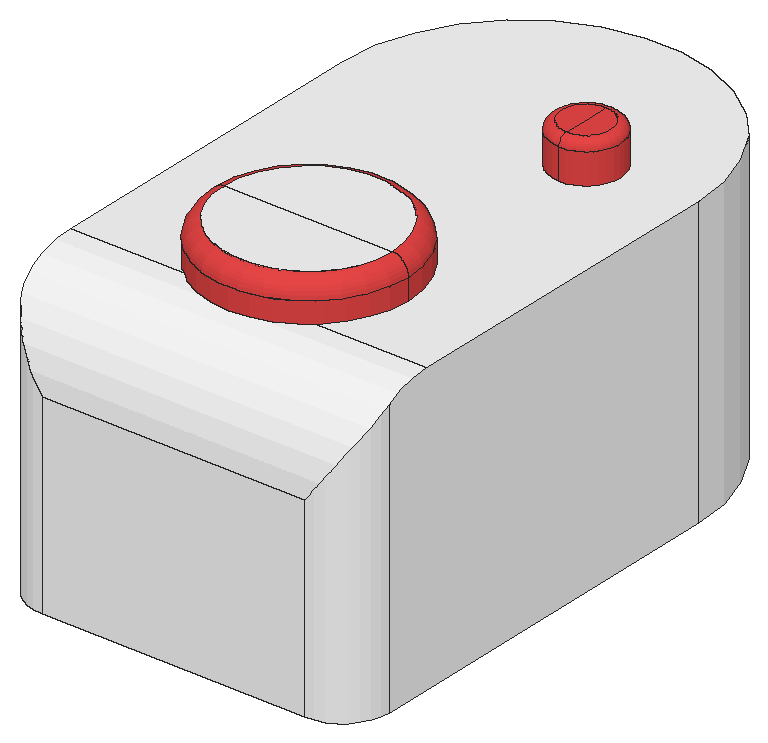
Revit family "K274103", category Pipe Accessories, Revit 2025
Family settings
  Round Connector Dimension = Use Diameter
  Part Type = Normal
  Work Plane-Based = Yes
  Always vertical = No
  Cut with Voids When Loaded = No
  Shared = Yes
Parameters (values of type "24V")
  Series = "K274-1"  # constant formula
  Model = "24V"
  Manufacturer = "Giacomini"  # constant formula
  Description = "Attuatore per gruppi R586RFL"  # constant formula
  Default Elevation = 1219.2 mm
  Code = "K274Y103"
Reference planes
  plane 1 "Center (Front/Back)": y = 0
  plane 2: z = 0
  plane 3 "Center (Left/Right)": x = 0
  plane 4: z = 61.5
  plane 5: x = 15.5
Forms (mm)
  Extrusion 1, solid, material "White - Giacomini"
    sketch origin (0, 0, 0) x (1, 0, 0) y (0, 1, 0)
      loop
        line (-28, -36) -> (28, -36)
        arc (28, -36) -> (35.071, -33.071) -> (38, -26) r 10
        line (38, -26) -> (38, 56.5)
        arc (38, 56.5) -> (0, 94.5) -> (-38, 56.5) r 38
        line (-38, 56.5) -> (-38, -26)
        arc (-38, -26) -> (-35.071, -33.071) -> (-28, -36) r 10
    from 0 to 61.5
  Extrusion 2, void
    sketch origin (0, 0, 0) x (0, 1, 0) y (0, 0, 1)
      loop
        line (-41, 41.5) -> (-36, 41.5)
        arc (-36, 41.5) -> (-30.142, 55.642) -> (-16, 61.5) r 20
        line (-16, 61.5) -> (-16, 66.5) -> (-41, 66.5) -> (-41, 41.5)
    from -38 to 38
  Revolve 3, solid, material "White - Giacomini"
    sketch origin (0, 0, 0) x (1, 0, 0) y (0, 0, 1)
      loop
        line (0, 61.5) -> (21.3, 61.5) -> (21.3, 65.922)
        arc (21.3, 65.922) -> (20.316, 68.393) -> (18, 69.7) r 4
        line (18, 69.7) -> (0, 69.7) -> (0, 61.5)
      axis (0, 61.5) -> (0, 69.7)
    angle from 0 to 360
  Revolve 4, solid, material "Red - Giacomini"
    sketch origin (15.5, 0, 0) x (0, 1, 0) y (0, 0, 1)
      loop
        line (54.7, 61.5) -> (62, 61.5) -> (62, 68)
        arc (62, 68) -> (61.414, 69.414) -> (60, 70) r 2
        line (60, 70) -> (54.7, 70) -> (54.7, 61.5)
      axis (54.7, 70) -> (54.7, 61.5)
    angle from 0 to 360
Cuts and joins
  Extrusion 2 cuts Extrusion 1
Dimensions and locks
  locked: plane 4 to level at 61.5
  locked: Revolve 4 sketch curve to Revolve 4 sketch curve at 7.3
  plane 1 "Center (Front/Back)" to Revolve 4 sketch curve = 54.7 mm
  locked: plane 3 "Center (Left/Right)" to plane 5 at 15.5
  aligned and locked: level to plane 2
  aligned and locked: plane 4 to Extrusion 1
  aligned and locked: Revolve 3 sketch curve to plane 3 "Center (Left/Right)"
  aligned and locked: plane 3 "Center (Left/Right)" to Revolve 3 sketch curve
  aligned and locked: Revolve 4 sketch curve to Revolve 4 sketch curve
  aligned and locked: plane 5 to Revolve 4
